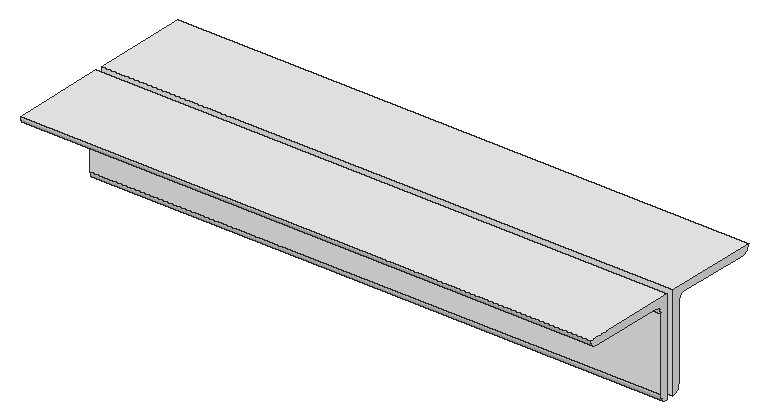
Revit family
Parameters (values of type "2L203X203X16X16")
  Start Extension Calculation [instance] = 3012.5 mm + Start Extension  # 3000 mm
  Start Extension [instance] = -12.5 mm
  End Extension Calculation [instance] = 3012.5 mm + End Extension  # 3000 mm
  End Extension [instance] = -12.5 mm
  Beam Material [instance] = Metal - Steel - 345 MPa
  A = 0.012 m²
  Legs = "Equal"
  Length [instance] = 1500 mm
  W = 0.95517
  Space = 16 mm
  b = 203 mm
  d = 203 mm
  t = 15.9 mm
  y = 56.6 mm
Reference planes
  plane 1 "Center (Front/Back)": y = 0
  plane 2: z = 0
  plane 3 "Center (Left/Right)": x = 4.61
  plane 4 "Member Left": x = -604.99
  plane 5 "Member Right": x = 614.21
  plane 6: y = 211
  plane 7: y = -211
  plane 8 "Top": z = 56.6
  plane 9: z = -146.4
  plane 10: y = 8
  plane 11: y = -8
  plane 12 "Left": x = -757.39
  plane 13 "Right": x = 742.61
  plane 14: x = -604.99
  plane 15: x = 614.21
  plane 16: x = 2395.01
  plane 17: x = -2385.79
Forms (mm)
  Sweep 1, solid, material "Metal - Steel - 345 MPa" <- "Beam Material", detail levels fine
    path origin (0, 0, 0) x (1, 0, 0) y (0, 1, 0)
      loop
        line (614.21, 0) -> (-604.99, 0)
    profile "M_2L-Angle-Profile-Fine : M_2L-Angle-Profile-Fine" origin (4.61, 0, 0) x (0, -1, 0) y (0, 0, 1)
      loop
        arc (8, -146.4) -> (19.243, -141.743) -> (23.9, -130.5) r 15.9
        line (23.9, -130.5) -> (23.9, 24.8)
        arc (23.9, 24.8) -> (28.557, 36.043) -> (39.8, 40.7) r 15.9
        line (39.8, 40.7) -> (195.1, 40.7)
        arc (195.1, 40.7) -> (206.343, 45.357) -> (211, 56.6) r 15.9
        line (211, 56.6) -> (8, 56.6) -> (8, -146.4)
  Sweep 2, solid, material "Metal - Steel - 345 MPa" <- "Beam Material", detail levels fine
    path origin (0, 0, 0) x (1, 0, 0) y (0, 1, 0)
      loop
        line (614.21, 0) -> (-604.99, 0)
    profile "M_2L-Angle-Profile-Fine : M_2L-Angle-Profile-Fine" origin (4.61, 0, 0) x (0, -1, 0) y (0, 0, 1)
      loop
        line (-8, -146.4) -> (-8, 56.6) -> (-211, 56.6)
        arc (-211, 56.6) -> (-206.343, 45.357) -> (-195.1, 40.7) r 15.9
        line (-195.1, 40.7) -> (-39.8, 40.7)
        arc (-39.8, 40.7) -> (-28.557, 36.043) -> (-23.9, 24.8) r 15.9
        line (-23.9, 24.8) -> (-23.9, -130.5)
        arc (-23.9, -130.5) -> (-19.243, -141.743) -> (-8, -146.4) r 15.9
  Sweep 3, solid, material "Metal - Steel - 345 MPa" <- "Beam Material", detail levels medium
    path origin (0, 0, 0) x (1, 0, 0) y (0, 1, 0)
      loop
        line (614.21, 0) -> (-604.99, 0)
    profile "M_2L-Angle-Profile-Medium : M_2L-Angle-Profile-Medium" origin (4.61, 0, 0) x (0, -1, 0) y (0, 0, 1)
      loop
        line (8, -146.4) -> (23.9, -146.4) -> (23.9, 40.7) -> (211, 40.7) -> (211, 56.6) -> (8, 56.6) -> (8, -146.4)
  Sweep 4, solid, material "Metal - Steel - 345 MPa" <- "Beam Material", detail levels medium
    path origin (0, 0, 0) x (1, 0, 0) y (0, 1, 0)
      loop
        line (614.21, 0) -> (-604.99, 0)
    profile "M_2L-Angle-Profile-Medium : M_2L-Angle-Profile-Medium" origin (4.61, 0, 0) x (0, -1, 0) y (0, 0, 1)
      loop
        line (-8, -146.4) -> (-8, 56.6) -> (-211, 56.6) -> (-211, 40.7) -> (-23.9, 40.7) -> (-23.9, -146.4) -> (-8, -146.4)
Lines and regions (mm)
  symbolic lines, style "Hidden Faces", detail levels medium+fine
    curve 1: line (-604.99, 21, 0) -> (614.21, 21, 0)
    curve 2: line (-604.99, -21, 0) -> (614.21, -21, 0)
  symbolic lines, style "Stick Symbols", detail levels coarse
    curve 3: line (4.61, 211, 56.6) -> (4.61, 8, 56.6)
    curve 4: line (4.61, -8, 56.6) -> (4.61, -211, 56.6)
    curve 5: line (4.61, -8, -146.4) -> (4.61, -8, 56.6)
    curve 6: line (4.61, 8, 56.6) -> (4.61, 8, -146.4)
Dimensions and locks
  "d": plane 9 to plane 8 "Top"
  "y": plane 8 "Top" to plane 2
  equal spacing: plane 10, plane 1 "Center (Front/Back)", plane 11
  "b": plane 11 to plane 7
  "b": plane 6 to plane 10
  "Space": plane 10 to plane 11
  "Length": plane 12 "Left" to plane 13 "Right"
  locked: plane 4 "Member Left" to plane 16 at 3000
  locked: plane 17 to plane 5 "Member Right" at 3000
  "End Extension Calculation": plane 17 to plane 15
  "Start Extension Calculation": plane 14 to plane 16
  aligned and locked: Sweep 1 sketch curve to plane 1 "Center (Front/Back)"
  aligned and locked: Sweep 2 sketch curve to plane 1 "Center (Front/Back)"
  aligned and locked: Sweep 3 sketch curve to plane 1 "Center (Front/Back)"
  aligned and locked: Sweep 4 sketch curve to plane 1 "Center (Front/Back)"
  aligned and locked: Sweep 4 to curve 3
  aligned and locked: curve 4 to Sweep 3
  aligned and locked: Sweep 3 to curve 5
  aligned and locked: curve 6 to Sweep 4
  aligned and locked: curve 3 to Sweep 4
  aligned and locked: Sweep 3 to curve 4
  aligned and locked: curve 5 to Sweep 3
  aligned and locked: Sweep 4 to curve 6
  aligned and locked: plane 14 to Sweep 4 sketch curve
  aligned and locked: plane 15 to Sweep 4 sketch curve
  aligned and locked: plane 14 to Sweep 2 sketch curve
  aligned and locked: plane 15 to Sweep 2 sketch curve
  aligned and locked: plane 14 to Sweep 3 sketch curve
  aligned and locked: plane 15 to Sweep 3 sketch curve
  aligned and locked: plane 14 to Sweep 1 sketch curve
  aligned and locked: plane 15 to Sweep 1 sketch curve
  aligned and locked: plane 14 to curve 2
  aligned and locked: plane 14 to curve 1
  aligned and locked: plane 15 to curve 1
  aligned and locked: plane 15 to curve 2
Automatic sketch dimensions
  curve 2 to plane 11 = 13 mm
  plane 10 to curve 1 = 13 mm
